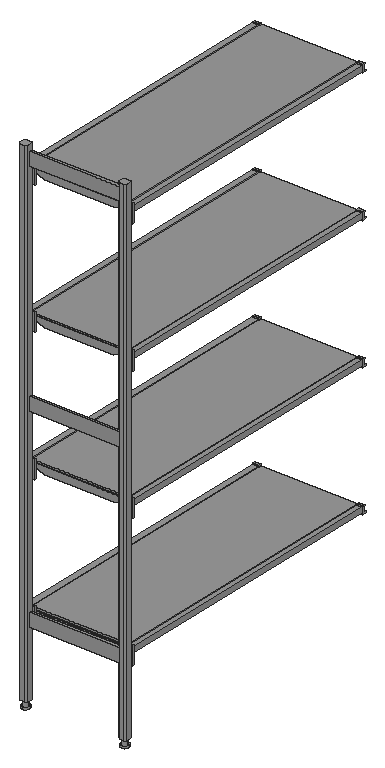
Revit family "QF_ELECTROLUXPROFESSIONAL_137053_ACS1006", category Attrezzature speciali, Revit 2020
Family settings
  Quota connettore circolare = Usa diametro
  Tipo di parte = Normale
  Basato su piano di lavoro = No
  Sempre verticale = Sì
  Taglio con vuoti quando caricato = No
  Condiviso = No
  Punto di calcolo locali = No
Parameters (values of type "Standard")
  Weight = 16.00 kg
  Watts = 0 W
  Volts = 0 V
  URL Manufacturer = "https://www.electroluxprofessional.com/"
  URL = "https://www.electroluxprofessional.com/"
  Steam Supply Size = 0 mm
  Steam Supply Minimum Pressure = 0.0 Pa
  Steam Supply Maximum Pressure = 0.0 Pa
  Steam Consumption per Hour = 0
  Refrigeration Suction Line Size = 0.0 mm
  Refrigeration Liquid Line Size = 0.0 mm
  Refrigerant Compressor Remote = yes
  Prospetto di default = 0.0 mm
  Phase = 0
  Modello = "ACS1006"
  Produttore = "Electrolux Professional"
  Length Actual = 1019.0 mm  # constant formula
  Item Number = "137053"
  Hot Water Size = 0 mm
  Height Actual = 1700.0 mm  # constant formula
  HP = "0 HP"
  Gas Size = 0 mm
  Gas KW = 0
  Gas Input Pressure = 0 W
  Direct Waste Size = 0 mm
  Descrizione = "ALUM.CORNER SHELV.-POLY.TIERS-373X1010MM"
  Depth Actual = 373.0 mm  # constant formula
  Cycle = 0 Hz
  Condensate Return Size = 0 mm
  Compressed Air Volume = 0.0 L/s
  Compressed Air Size = 0 mm
  Compressed Air Pressure = 0.0 Pa
  Cold Water Size = 0 mm
  Accessory = yes
Reference planes
  plane 1: z = 0
  plane 2 "Center (F/B)": y = -163.5
  plane 3 "Front": y = -549.5
  plane 4 "Left": x = -217.5
  plane 5 "Right": x = 155.5
  plane 6 "TOP": z = 1700
  plane 7: y = -513
  plane 8: y = 461
  plane 9 "Center (Left/Right)": x = -31
  plane 10: y = 456
  plane 11: x = -186
  plane 12: x = 124
  plane 13 "FEET": z = 25
  plane 14: z = 275
  plane 15: z = 725
  plane 16: z = 1175
  plane 17: z = 1625
  plane 18 "CXLeft": y = -535.5
  plane 19: x = -200
  plane 20 "CYBack": x = -200
  plane 21 "CYFront": x = 138
  plane 22 "Back": y = 469.5
  plane 23 "LEFT_ORIGIN": x = -251.5
  plane 24 "BACK_Origin": y = 842.5
Forms (mm)
  Extrusion 1, solid, material "QF_Aluminum"
    sketch origin (0, -549.5, 0) x (-1, 0, 0) y (0, 0, 1)
      loop
        line (198.5, 1650.994) -> (198.5, 1632.998) -> (217.5, 1632.998) -> (217.5, 1650.994) -> (198.5, 1650.994)
      loop
        line (-136.5, 1650.994) -> (-155.5, 1650.994) -> (-155.5, 1632.998) -> (-136.5, 1632.998) -> (-136.5, 1650.994)
      loop
        line (198.5, 1200.994) -> (198.5, 1182.998) -> (217.5, 1182.998) -> (217.5, 1200.994) -> (198.5, 1200.994)
      loop
        line (-136.5, 1200.994) -> (-155.5, 1200.994) -> (-155.5, 1182.998) -> (-136.5, 1182.998) -> (-136.5, 1200.994)
      loop
        line (198.5, 750.994) -> (198.5, 732.998) -> (217.5, 732.998) -> (217.5, 750.994) -> (198.5, 750.994)
      loop
        line (-136.5, 750.994) -> (-155.5, 750.994) -> (-155.5, 732.998) -> (-136.5, 732.998) -> (-136.5, 750.994)
      loop
        line (198.5, 300.994) -> (198.5, 282.998) -> (217.5, 282.998) -> (217.5, 300.994) -> (198.5, 300.994)
      loop
        line (-136.5, 300.994) -> (-155.5, 300.994) -> (-155.5, 282.998) -> (-136.5, 282.998) -> (-136.5, 300.994)
    from 36.5 to 1010.5
  Extrusion 2, solid, material "QF_Polyethylene"
    sketch origin (0, -549.5, 0) x (-1, 0, 0) y (0, 0, 1)
      loop
        line (196.507, 1650.994) -> (-134.5, 1650.994) -> (-134.5, 1644.496) -> (196.507, 1644.496) -> (196.507, 1650.994)
      loop
        line (196.507, 1200.994) -> (-134.5, 1200.994) -> (-134.5, 1194.496) -> (196.507, 1194.496) -> (196.507, 1200.994)
      loop
        line (196.507, 750.994) -> (-134.5, 750.994) -> (-134.5, 744.496) -> (196.507, 744.496) -> (196.507, 750.994)
      loop
        line (196.507, 300.994) -> (-134.5, 300.994) -> (-134.5, 294.496) -> (196.507, 294.496) -> (196.507, 300.994)
    from 36.5 to 1010.5
Lines and regions (mm)
  symbolic lines
    curve 1: line (-198.5, 461, 1700) -> (-198.5, -513, 1700)
    curve 2: line (-217.5, -517, 1700) -> (-217.5, 461, 1700)
    curve 3: line (155.5, -517, 1700) -> (155.5, 461, 1700)
    curve 4: line (-181.507, -513, 1700) -> (119.507, -513, 1700)
    curve 5: line (136.5, -513, 1700) -> (136.5, 461, 1700)
    curve 6: line (-198.5, 461, 1700) -> (136.5, 461, 1700)
Dimensions and locks
  plane 3 "Front" to plane 2 "Center (F/B)" = 386.0 mm
  locked: plane 6 "TOP" to level at 1700
  locked: plane 4 "Left" to plane 5 "Right" at 373
  locked: plane 7 to plane 8 at 974
  locked: plane 3 "Front" to plane 7 at 36.5
  plane 10 to plane 8 = 5.0 mm
  locked: plane 11 to plane 12 at 310
  equal spacing: plane 11, plane 9 "Center (Left/Right)", plane 12
  equal spacing: plane 4 "Left", plane 9 "Center (Left/Right)", plane 5 "Right"
  plane 13 "FEET" to level = 25.0 mm
  plane 6 "TOP" to plane 13 "FEET" = 1675.0 mm
  plane 14 to plane 13 "FEET" = 250.0 mm
  plane 15 to plane 14 = 450.0 mm
  plane 16 to plane 15 = 450.0 mm
  plane 17 to plane 16 = 450.0 mm
  locked: plane 3 "Front" to plane 18 "CXLeft" at 14
  locked: plane 3 "Front" to plane 22 "Back" at 1019
  plane 23 "LEFT_ORIGIN" to plane 5 "Right" = 407.0 mm
  locked: plane 22 "Back" to plane 24 "BACK_Origin" at 373
  aligned and locked: level to plane 1
  aligned and locked: Extrusion 2 to plane 7
  aligned and locked: plane 8 to Extrusion 2
  aligned and locked: Extrusion 1 to plane 7
  aligned and locked: plane 8 to Extrusion 1
  aligned and locked: Extrusion 1 sketch curve to Extrusion 1 sketch curve  (x2)
  aligned and locked: nested 1 to plane 18 "CXLeft"
  aligned and locked: nested 2 to plane 10
Automatic sketch dimensions
  curve 2 to plane 4 "Left" = 0.0 mm
  curve 3 to plane 5 "Right" = 0.0 mm
  plane 7 to curve 1 = 0.0 mm
  plane 7 to curve 4 = 0.0 mm
  plane 7 to curve 5 = 0.0 mm
  plane 8 to curve 2 = 0.0 mm
  plane 8 to curve 1 = 0.0 mm
  plane 8 to curve 3 = 0.0 mm
  plane 21 "CYFront" to curve 5 = 1.5 mm
  plane 19 to curve 6 = 1.5 mm
  plane 7 to curve 3 = 4.0 mm
  plane 7 to curve 2 = 4.0 mm
  plane 12 to curve 4 = 4.493 mm
  curve 4 to plane 11 = 4.493 mm
  plane 5 "Right" to Extrusion 1 sketch curve = 0.0 mm  (x4)
  plane 4 "Left" to Extrusion 1 sketch curve = 0.0 mm  (x4)
  plane 21 "CYFront" to Extrusion 1 sketch curve = 1.5 mm  (x2)
  plane 19 to Extrusion 1 sketch curve = 1.5 mm  (x4)
  plane 14 to Extrusion 1 sketch curve = 7.998 mm  (x2)
  Extrusion 1 sketch curve to Extrusion 1 sketch curve = 17.997 mm  (x8)
  plane 15 to Extrusion 1 sketch curve = 7.998 mm  (x2)
  plane 16 to Extrusion 1 sketch curve = 7.998 mm  (x2)
  plane 17 to Extrusion 1 sketch curve = 7.998 mm  (x2)
  plane 21 "CYFront" to Extrusion 2 sketch curve = 3.5 mm  (x4)
  plane 19 to Extrusion 2 sketch curve = 3.493 mm  (x4)
  plane 14 to Extrusion 2 sketch curve = 19.496 mm
  Extrusion 2 sketch curve to Extrusion 2 sketch curve = 6.499 mm  (x4)
  plane 15 to Extrusion 2 sketch curve = 19.496 mm
  plane 16 to Extrusion 2 sketch curve = 19.496 mm
  plane 17 to Extrusion 2 sketch curve = 19.496 mm
Nested families
  nested 1: "WT_Anta373" at (-194.5, -132.5, 0) x (0, 1, 0) z (0, 0, 1), type "WT_Anta373"
  nested 2: "WT_Aggancio373" at (-194.5, 873, 0) x (0, 1, 0) z (0, 0, 1), type "WT_Aggancio373"
Definition of nested family "WT_Anta373"
  Parameters
    WidthLeft = A + 64.0 mm  # 772.0 mm
    Width = 1606.0 mm
    Right = WidthLeft / 2  # 386.0 mm
    Default Elevation = 0.0 mm
    Left = -WidthLeft / 2  # -386.0 mm
    Height = 1725.0 mm
    FEET = 25.0 mm
    E = 0.0 mm
    Dint = Depth - 63.0 mm  # 310.0 mm
    Dext = Depth - 8.0 mm  # 365.0 mm
    Depth = 373.0 mm
    DX = (WidthLeft - A) / 2  # 32.0 mm
    B = 798.0 mm
    A = 708.0 mm
  Reference planes
    plane 1: z = 0
    plane 2 "LEFT": x = -417
    plane 3 "BACK": y = 23
    plane 4 "FRONT": y = -350
    plane 5 "TOP": z = 1725
    plane 6 "Center (Front/Back)": y = -163.5
    plane 7: y = -8.5
    plane 8: y = -318.5
    plane 9 "FEET": z = 25
    plane 10: z = 275
    plane 11: z = 725
    plane 12: z = 1175
    plane 13: z = 1625
    plane 14 "CXLeft": x = -403
    plane 15: y = 5.5
    plane 16 "CYBack": y = 5.5
    plane 17 "CYFront": y = -332.5
    plane 18: x = -385.031
    plane 19: x = -380.031
  Forms (mm)
    Extrusion 1, solid
      sketch origin (0, 0, 0) x (1, 0, 0) y (0, 1, 0)
        loop
          line (-417, 13.246) -> (-417, -2.246) -> (-410.746, -8.5) -> (-395.254, -8.5) -> (-389, -2.246) -> (-389, 13.246) -> (-395.254, 19.5) -> (-410.746, 19.5) -> (-417, 13.246)
      from 1725 to 25
    Extrusion 2, solid
      sketch origin (-417, 0, 0) x (0, 1, 0) y (0, 0, 1)
        loop
          line (23, 246.005) -> (23, 307.993) -> (-12.993, 307.993) -> (-12.993, 246.005) -> (23, 246.005)
        loop
          line (-350, 246.005) -> (-314.007, 246.005) -> (-314.007, 307.993) -> (-350, 307.993) -> (-350, 246.005)
        loop
          line (23, 696.005) -> (23, 757.993) -> (-12.993, 757.993) -> (-12.993, 696.005) -> (23, 696.005)
        loop
          line (-350, 696.005) -> (-314.007, 696.005) -> (-314.007, 757.993) -> (-350, 757.993) -> (-350, 696.005)
        loop
          line (23, 1146.005) -> (23, 1207.993) -> (-12.993, 1207.993) -> (-12.993, 1146.005) -> (23, 1146.005)
        loop
          line (-350, 1146.005) -> (-314.007, 1146.005) -> (-314.007, 1207.993) -> (-350, 1207.993) -> (-350, 1146.005)
        loop
          line (23, 1596.005) -> (23, 1657.993) -> (-12.993, 1657.993) -> (-12.993, 1596.005) -> (23, 1596.005)
        loop
          line (-350, 1596.005) -> (-314.007, 1596.005) -> (-314.007, 1657.993) -> (-350, 1657.993) -> (-350, 1596.005)
      from 28 to 32
    Revolve 3, solid
      sketch origin (-403, 0, 0) x (0, 1, 0) y (0, 0, 1)
        loop
          line (5.5, 25) -> (5.5, 0) -> (19, 0) -> (19, 5) -> (14, 5) -> (14, 25) -> (5.5, 25)
        axis (5.5, 25) -> (5.5, 0)
      angle from 0 to 360
    Extrusion 4, solid
      sketch origin (-403, 0, 0) x (0, 1, 0) y (0, 0, 1)
        loop
          line (-8.5, 912.382) -> (-8.5, 957.374) -> (-318.5, 957.374) -> (-318.5, 912.382) -> (-8.5, 912.382)
        loop
          line (-8.5, 1662.244) -> (-8.5, 1707.236) -> (-318.5, 1707.236) -> (-318.5, 1662.244) -> (-8.5, 1662.244)
      from -5 to 5
    Revolve 5, solid
      sketch origin (-403, -627, 0) x (0, -1, 0) y (0, 0, 1)
        loop
          line (-294.5, 25) -> (-294.5, 0) -> (-281, 0) -> (-281, 5) -> (-286, 5) -> (-286, 25) -> (-294.5, 25)
        axis (-294.5, 25) -> (-294.5, 0)
      angle from 0 to 360
    Extrusion 6, solid
      sketch origin (0, -627, 0) x (1, 0, 0) y (0, 1, 0)
        loop
          line (-417, 286.754) -> (-410.746, 280.5) -> (-395.254, 280.5) -> (-389, 286.754) -> (-389, 302.246) -> (-395.254, 308.5) -> (-410.746, 308.5) -> (-417, 302.246) -> (-417, 286.754)
      from 1725 to 25
    Extrusion 7, solid
      sketch origin (-417.031, -0.022, 0) x (0, 1, 0) y (0, 0, -1)
        loop
          line (-12, -1632.998) -> (-46, -1620.994) -> (-281, -1620.994) -> (-315, -1632.998) -> (-331, -1632.998) -> (-331, -1650.994) -> (-329, -1650.994) -> (-329, -1644.496) -> (2.007, -1644.496) -> (2.007, -1650.994) -> (4, -1650.994) -> (4, -1632.998) -> (-12, -1632.998)
        loop
          line (-12, -1182.998) -> (-46, -1170.994) -> (-281, -1170.994) -> (-315, -1182.998) -> (-331, -1182.998) -> (-331, -1200.994) -> (-329, -1200.994) -> (-329, -1194.496) -> (2.007, -1194.496) -> (2.007, -1200.994) -> (4, -1200.994) -> (4, -1182.998) -> (-12, -1182.998)
        loop
          line (-12, -732.998) -> (-46, -720.994) -> (-281, -720.994) -> (-315, -732.998) -> (-331, -732.998) -> (-331, -750.994) -> (-329, -750.994) -> (-329, -744.496) -> (2.007, -744.496) -> (2.007, -750.994) -> (4, -750.994) -> (4, -732.998) -> (-12, -732.998)
        loop
          line (-12, -282.998) -> (-46, -270.994) -> (-281, -270.994) -> (-315, -282.998) -> (-331, -282.998) -> (-331, -300.994) -> (-329, -300.994) -> (-329, -294.496) -> (2.007, -294.496) -> (2.007, -300.994) -> (4, -300.994) -> (4, -282.998) -> (-12, -282.998)
      from -32 to -37
    Extrusion 8, solid
      sketch origin (-403, 0, -659.878) x (0, 1, 0) y (0, 0, 1)
        loop
          line (-8.5, 912.382) -> (-8.5, 957.374) -> (-318.5, 957.374) -> (-318.5, 912.382) -> (-8.5, 912.382)
        loop
          line (-8.5, 1572.382) -> (-8.5, 1617.374) -> (-318.5, 1617.374) -> (-318.5, 1572.382) -> (-8.5, 1572.382)
        loop
          line (-8.5, 2322.382) -> (-8.5, 2367.374) -> (-318.5, 2367.374) -> (-318.5, 2322.382) -> (-8.5, 2322.382)
      from -5 to 5
  Lines and regions (mm)
    symbolic lines
      curve 1: line (-408, -8.5, 1725) -> (-408, -318.5, 1725)
      curve 2: line (-398, -318.5, 1725) -> (-398, -8.5, 1725)
      curve 3: line (-395.254, -8.5, 1725) -> (-410.746, -8.5, 1725)
      curve 4: line (-417, -2.246, 1725) -> (-410.746, -8.5, 1725)
      curve 5: line (-417, 13.246, 1725) -> (-417, -2.246, 1725)
      curve 6: line (-410.746, 19.5, 1725) -> (-417, 13.246, 1725)
      curve 7: line (-395.254, 19.5, 1725) -> (-410.746, 19.5, 1725)
      curve 8: line (-389, 13.246, 1725) -> (-395.254, 19.5, 1725)
      curve 9: line (-395.254, -8.5, 1725) -> (-389, -2.246, 1725)
      curve 10: line (-395.254, -318.5, 1725) -> (-410.746, -318.5, 1725)
      curve 11: line (-417, -324.754, 1725) -> (-410.746, -318.5, 1725)
      curve 12: line (-410.746, -346.5, 1725) -> (-417, -340.246, 1725)
      curve 13: line (-395.254, -346.5, 1725) -> (-410.746, -346.5, 1725)
      curve 14: line (-389, -340.246, 1725) -> (-395.254, -346.5, 1725)
      curve 15: line (-395.254, -318.5, 1725) -> (-389, -324.754, 1725)
      curve 16: line (-389, -350, 1725) -> (-389, -314.007, 1725)
      curve 17: line (-389, -314.007, 1725) -> (-385, -314.007, 1725)
      curve 18: line (-389, 23, 1725) -> (-389, -12.993, 1725)
      curve 19: line (-389, -12.993, 1725) -> (-385, -12.993, 1725)
      curve 20: line (-417, -324.754, 1725) -> (-417, -340.246, 1725)
      curve 21: line (-385, -350, 1725) -> (-385, -314.007, 1725)
      curve 22: line (-385, -350, 1725) -> (-389, -350, 1725)
      curve 23: line (-385, 23, 1725) -> (-389, 23, 1725)
      curve 24: line (-385, -12.993, 1725) -> (-385, 23, 1725)
      curve 25: line (-385.031, -13.016, 1725) -> (-385.031, -314.029, 1725)
  Dimensions and locks
    "Height": plane 5 "TOP" to level
    "Depth": plane 3 "BACK" to plane 4 "FRONT"
    "Dint": plane 7 to plane 8
    equal spacing: plane 7, plane 6 "Center (Front/Back)", plane 8
    equal spacing: plane 3 "BACK", plane 6 "Center (Front/Back)", plane 4 "FRONT"
    plane 9 "FEET" to level = 25.0 mm
    plane 5 "TOP" to plane 9 "FEET" = 1700.0 mm
    plane 10 to plane 9 "FEET" = 250.0 mm
    plane 11 to plane 10 = 450.0 mm
    plane 12 to plane 11 = 450.0 mm
    plane 13 to plane 12 = 450.0 mm
    locked: plane 2 "LEFT" to plane 14 "CXLeft" at 14
    locked: plane 3 "BACK" to plane 16 "CYBack" at 17.5
    locked: plane 17 "CYFront" to plane 4 "FRONT" at 17.5
    locked: Revolve 3 sketch curve to Revolve 3 sketch curve at 8.5
    locked: Revolve 3 sketch curve to plane 16 "CYBack" at 13.5
    locked: Revolve 5 sketch curve to Revolve 5 sketch curve at 8.5
    aligned and locked: level to plane 1
    aligned and locked: curve 20 to Extrusion 6
    aligned and locked: plane 5 "TOP" to Extrusion 1
    aligned and locked: plane 5 "TOP" to Extrusion 6
    aligned and locked: Extrusion 7 sketch curve to Extrusion 7 sketch curve  (x3)
  Automatic sketch dimensions
    curve 16 to plane 4 "FRONT" = 0.0 mm
    curve 11 to plane 8 = 0.0 mm
    curve 9 to plane 7 = 0.0 mm
    curve 5 to plane 2 "LEFT" = 0.0 mm
    curve 23 to plane 3 "BACK" = 0.0 mm
    plane 4 "FRONT" to curve 13 = 3.5 mm
    curve 20 to plane 17 "CYFront" = 7.746 mm
    curve 20 to plane 8 = 6.254 mm
    plane 8 to curve 16 = 4.493 mm
    curve 24 to plane 18 = 0.031 mm
    curve 24 to plane 7 = 4.493 mm
    plane 7 to curve 5 = 6.254 mm
    curve 5 to plane 15 = 7.746 mm
    curve 6 to plane 3 "BACK" = 3.5 mm
    curve 21 to plane 18 = 0.031 mm
    plane 18 to curve 23 = 3.969 mm
    plane 18 to curve 16 = 3.969 mm
    curve 18 to curve 8 = 6.254 mm
    curve 18 to curve 3 = 6.254 mm
    curve 16 to curve 13 = 6.254 mm
    curve 16 to curve 15 = 6.254 mm
    plane 2 "LEFT" to curve 10 = 6.254 mm
    plane 2 "LEFT" to curve 7 = 6.254 mm
    plane 2 "LEFT" to curve 12 = 6.254 mm
    plane 2 "LEFT" to curve 3 = 6.254 mm
    curve 14 to plane 17 "CYFront" = 7.746 mm
    curve 15 to plane 8 = 6.254 mm
    plane 7 to curve 9 = 6.254 mm
    curve 8 to plane 15 = 7.746 mm
    curve 3 to curve 2 = 2.746 mm
    curve 1 to curve 10 = 2.746 mm
    Extrusion 1 sketch curve to plane 2 "LEFT" = 0.0 mm
    Extrusion 1 sketch curve to plane 7 = 0.0 mm
    plane 2 "LEFT" to Extrusion 1 sketch curve = 6.254 mm  (x2)
    plane 14 "CXLeft" to Extrusion 1 sketch curve = 7.746 mm  (x2)
    Extrusion 1 sketch curve to plane 3 "BACK" = 3.5 mm
    plane 18 to Extrusion 1 sketch curve = 3.969 mm
    plane 7 to Extrusion 1 sketch curve = 6.254 mm  (x2)
    Extrusion 1 sketch curve to plane 15 = 7.746 mm  (x2)
    Extrusion 2 sketch curve to plane 4 "FRONT" = 0.0 mm  (x4)
    Extrusion 2 sketch curve to plane 3 "BACK" = 0.0 mm  (x4)
    plane 8 to Extrusion 2 sketch curve = 4.493 mm  (x4)
    Extrusion 2 sketch curve to plane 7 = 4.493 mm  (x4)
    Extrusion 2 sketch curve to plane 10 = 28.995 mm  (x2)
    plane 10 to Extrusion 2 sketch curve = 32.993 mm  (x2)
    Extrusion 2 sketch curve to plane 11 = 28.995 mm  (x2)
    plane 11 to Extrusion 2 sketch curve = 32.993 mm  (x2)
    Extrusion 2 sketch curve to plane 12 = 28.995 mm  (x2)
    plane 12 to Extrusion 2 sketch curve = 32.993 mm  (x2)
    Extrusion 2 sketch curve to plane 13 = 28.995 mm  (x2)
    plane 13 to Extrusion 2 sketch curve = 32.993 mm  (x2)
    Revolve 3 sketch curve to plane 9 "FEET" = 0.0 mm  (x2)
    Revolve 3 sketch curve to plane 15 = 0.0 mm  (x2)
    Revolve 3 sketch curve to level = 0.0 mm
    level to Revolve 3 sketch curve = 5.0 mm
    Revolve 3 sketch curve to Revolve 3 sketch curve = 11.655 mm
    Extrusion 4 sketch curve to plane 8 = 0.0 mm  (x2)
    Extrusion 4 sketch curve to plane 7 = 0.0 mm  (x2)
    plane 11 to Extrusion 4 sketch curve = 187.382 mm
    Extrusion 4 sketch curve to Extrusion 4 sketch curve = 44.992 mm
    plane 13 to Extrusion 4 sketch curve = 37.244 mm
    Extrusion 4 sketch curve to plane 5 "TOP" = 17.764 mm
    Revolve 5 sketch curve to plane 9 "FEET" = 0.0 mm  (x2)
    Revolve 5 sketch curve to plane 17 "CYFront" = 0.0 mm  (x2)
    Revolve 5 sketch curve to level = 0.0 mm
    Revolve 5 sketch curve to plane 4 "FRONT" = 4.0 mm
    Revolve 5 sketch curve to Revolve 5 sketch curve = 5.0 mm
    level to Revolve 5 sketch curve = 11.655 mm
    Extrusion 6 sketch curve to plane 2 "LEFT" = 0.0 mm
    Extrusion 6 sketch curve to plane 8 = 0.0 mm
    Extrusion 6 sketch curve to plane 2 "LEFT" = 6.254 mm  (x2)
    Extrusion 6 sketch curve to plane 14 "CXLeft" = 7.746 mm  (x2)
    Extrusion 6 sketch curve to plane 4 "FRONT" = 3.5 mm
    Extrusion 6 sketch curve to plane 18 = 3.969 mm
    plane 8 to Extrusion 6 sketch curve = 6.254 mm  (x2)
    plane 17 "CYFront" to Extrusion 6 sketch curve = 7.746 mm  (x2)
    plane 17 "CYFront" to Extrusion 7 sketch curve = 1.478 mm  (x4)
    Extrusion 7 sketch curve to Extrusion 7 sketch curve = 2.0 mm
    plane 8 to Extrusion 7 sketch curve = 3.478 mm  (x4)
    Extrusion 7 sketch curve to plane 10 = 4.006 mm
    Extrusion 7 sketch curve to Extrusion 7 sketch curve = 34.0 mm  (x4)
    Extrusion 7 sketch curve to plane 11 = 4.006 mm
    Extrusion 7 sketch curve to plane 12 = 4.006 mm
    Extrusion 7 sketch curve to plane 13 = 4.006 mm
    Extrusion 7 sketch curve to plane 7 = 37.522 mm  (x4)
    Extrusion 7 sketch curve to plane 7 = 3.522 mm  (x4)
    plane 15 to Extrusion 7 sketch curve = 3.516 mm  (x4)
    plane 15 to Extrusion 7 sketch curve = 1.522 mm  (x4)
    plane 13 to Extrusion 7 sketch curve = 7.998 mm  (x2)
    Extrusion 7 sketch curve to Extrusion 7 sketch curve = 11.498 mm
    Extrusion 7 sketch curve to Extrusion 7 sketch curve = 6.499 mm  (x5)
    plane 12 to Extrusion 7 sketch curve = 25.994 mm  (x2)
    plane 12 to Extrusion 7 sketch curve = 7.998 mm  (x2)
    plane 11 to Extrusion 7 sketch curve = 25.994 mm  (x2)
    plane 11 to Extrusion 7 sketch curve = 7.998 mm  (x2)
    plane 10 to Extrusion 7 sketch curve = 25.994 mm  (x2)
    plane 10 to Extrusion 7 sketch curve = 7.998 mm  (x2)
    curve 25 to plane 18 = 0.0 mm
    plane 8 to curve 25 = 4.471 mm
    curve 25 to plane 7 = 4.516 mm
    Extrusion 8 sketch curve to plane 8 = 0.0 mm  (x3)
    Extrusion 8 sketch curve to plane 7 = 0.0 mm  (x3)
    Extrusion 8 sketch curve to plane 10 = 22.496 mm
    plane 10 to Extrusion 8 sketch curve = 22.496 mm
    plane 11 to Extrusion 8 sketch curve = 187.504 mm
    Extrusion 8 sketch curve to Extrusion 8 sketch curve = 44.992 mm
    plane 13 to Extrusion 8 sketch curve = 37.504 mm
    Extrusion 8 sketch curve to plane 5 "TOP" = 17.504 mm
Definition of nested family "WT_Aggancio373"
  Parameters
    WidthLeft = A + 64.0 mm  # 772.0 mm
    Width = 1606.0 mm
    Right = WidthLeft / 2  # 386.0 mm
    Default Elevation = 0.0 mm
    Left = -WidthLeft / 2  # -386.0 mm
    Height = 1725.0 mm
    FEET = 25.0 mm
    E = 0.0 mm
    Dint = Depth - 63.0 mm  # 310.0 mm
    Dext = Depth - 8.0 mm  # 365.0 mm
    Depth = 373.0 mm
    DX = (WidthLeft - A) / 2  # 32.0 mm
    B = 798.0 mm
    A = 708.0 mm
  Reference planes
    plane 1: z = 0
    plane 2 "LEFT": x = -417
    plane 3 "BACK": y = 23
    plane 4 "FRONT": y = -350
    plane 5 "TOP": z = 1725
    plane 6 "Center (Front/Back)": y = -163.5
    plane 7: y = -8.5
    plane 8: y = -318.5
    plane 9 "FEET": z = 25
    plane 10: z = 275
    plane 11: z = 725
    plane 12: z = 1175
    plane 13: z = 1625
    plane 14: y = 5.5
    plane 15 "CYBack": y = 5.5
    plane 16 "CYFront": y = -332.5
  Forms (mm)
    Extrusion 1, solid
      sketch origin (-380, -0.022, 0) x (0, 1, 0) y (0, 0, 1)
        loop
          line (-12, 1632.998) -> (4, 1632.998) -> (4, 1650.994) -> (2.007, 1650.994) -> (2.007, 1644.496) -> (-329, 1644.496) -> (-329, 1650.994) -> (-331, 1650.994) -> (-331, 1632.998) -> (-315, 1632.998) -> (-281, 1620.994) -> (-46, 1620.994) -> (-12, 1632.998)
        loop
          line (-12, 1182.998) -> (4, 1182.998) -> (4, 1200.994) -> (2.007, 1200.994) -> (2.007, 1194.496) -> (-329, 1194.496) -> (-329, 1200.994) -> (-331, 1200.994) -> (-331, 1182.998) -> (-315, 1182.998) -> (-281, 1170.994) -> (-46, 1170.994) -> (-12, 1182.998)
        loop
          line (-12, 732.998) -> (4, 732.998) -> (4, 750.994) -> (2.007, 750.994) -> (2.007, 744.496) -> (-329, 744.496) -> (-329, 750.994) -> (-331, 750.994) -> (-331, 732.998) -> (-315, 732.998) -> (-281, 720.994) -> (-46, 720.994) -> (-12, 732.998)
        loop
          line (-12, 282.998) -> (4, 282.998) -> (4, 300.994) -> (2.007, 300.994) -> (2.007, 294.496) -> (-329, 294.496) -> (-329, 300.994) -> (-331, 300.994) -> (-331, 282.998) -> (-315, 282.998) -> (-281, 270.994) -> (-46, 270.994) -> (-12, 282.998)
      from -32 to -37
    Extrusion 2, solid
      sketch origin (-793.062, -324.754, 6.5) x (1, 0, 0) y (0, 0, 1)
        loop
          line (385.062, 1644.496) -> (385.062, 1647.496) -> (376.062, 1647.496) -> (376.062, 1620.994) -> (390.031, 1620.994) -> (390.031, 1626.496) -> (381.062, 1626.496) -> (381.062, 1644.496) -> (385.062, 1644.496)
        loop
          line (385.062, 1194.496) -> (385.062, 1197.496) -> (376.062, 1197.496) -> (376.062, 1170.994) -> (390.031, 1170.994) -> (390.031, 1176.496) -> (381.062, 1176.496) -> (381.062, 1194.496) -> (385.062, 1194.496)
        loop
          line (385.062, 744.496) -> (385.062, 747.496) -> (376.062, 747.496) -> (376.062, 720.994) -> (390.031, 720.994) -> (390.031, 726.496) -> (381.062, 726.496) -> (381.062, 744.496) -> (385.062, 744.496)
        loop
          line (385.062, 294.496) -> (385.062, 297.496) -> (376.062, 297.496) -> (376.062, 270.994) -> (390.031, 270.994) -> (390.031, 276.496) -> (381.062, 276.496) -> (381.062, 294.496) -> (385.062, 294.496)
      from 6.268 to 25.246
    Extrusion 3, solid
      sketch origin (-793.062, 32.754, 6.5) x (1, 0, 0) y (0, 0, 1)
        loop
          line (385.062, 1644.496) -> (385.062, 1647.496) -> (376.062, 1647.496) -> (376.062, 1620.994) -> (390.031, 1620.994) -> (390.031, 1626.496) -> (381.062, 1626.496) -> (381.062, 1644.496) -> (385.062, 1644.496)
        loop
          line (385.062, 1194.496) -> (385.062, 1197.496) -> (376.062, 1197.496) -> (376.062, 1170.994) -> (390.031, 1170.994) -> (390.031, 1176.496) -> (381.062, 1176.496) -> (381.062, 1194.496) -> (385.062, 1194.496)
        loop
          line (385.062, 744.496) -> (385.062, 747.496) -> (376.062, 747.496) -> (376.062, 720.994) -> (390.031, 720.994) -> (390.031, 726.496) -> (381.062, 726.496) -> (381.062, 744.496) -> (385.062, 744.496)
        loop
          line (385.062, 294.496) -> (385.062, 297.496) -> (376.062, 297.496) -> (376.062, 270.994) -> (390.031, 270.994) -> (390.031, 276.496) -> (381.062, 276.496) -> (381.062, 294.496) -> (385.062, 294.496)
      from 9.754 to 28.776
  Lines and regions (mm)
    symbolic lines
      curve 1: line (-412, -350, 0) -> (-408, -350, 0)
      curve 2: line (-412, -331.022, 0) -> (-412, -350, 0)
      curve 3: line (-408, -331.022, 0) -> (-412, -331.022, 0)
      curve 4: line (-408, -350, 0) -> (-408, -331.022, 0)
      curve 5: line (-412, 3.978, 0) -> (-408, 3.978, 0)
      curve 6: line (-412, 23, 0) -> (-412, 3.978, 0)
      curve 7: line (-408, 23, 0) -> (-412, 23, 0)
      curve 8: line (-408, 3.978, 0) -> (-408, 23, 0)
  Dimensions and locks
    "Height": plane 5 "TOP" to level
    "Depth": plane 3 "BACK" to plane 4 "FRONT"
    "Dint": plane 7 to plane 8
    equal spacing: plane 7, plane 6 "Center (Front/Back)", plane 8
    equal spacing: plane 3 "BACK", plane 6 "Center (Front/Back)", plane 4 "FRONT"
    plane 9 "FEET" to level = 25.0 mm
    plane 5 "TOP" to plane 9 "FEET" = 1700.0 mm
    plane 10 to plane 9 "FEET" = 250.0 mm
    plane 11 to plane 10 = 450.0 mm
    plane 12 to plane 11 = 450.0 mm
    plane 13 to plane 12 = 450.0 mm
    locked: plane 3 "BACK" to plane 15 "CYBack" at 17.5
    locked: plane 16 "CYFront" to plane 4 "FRONT" at 17.5
    aligned and locked: level to plane 1
    aligned and locked: Extrusion 1 sketch curve to Extrusion 1 sketch curve  (x3)
  Automatic sketch dimensions
    plane 16 "CYFront" to Extrusion 1 sketch curve = 1.478 mm  (x4)
    Extrusion 1 sketch curve to Extrusion 1 sketch curve = 2.0 mm
    plane 8 to Extrusion 1 sketch curve = 3.478 mm  (x4)
    Extrusion 1 sketch curve to plane 10 = 4.006 mm
    Extrusion 1 sketch curve to Extrusion 1 sketch curve = 34.0 mm  (x4)
    Extrusion 1 sketch curve to plane 11 = 4.006 mm
    Extrusion 1 sketch curve to plane 12 = 4.006 mm
    Extrusion 1 sketch curve to plane 13 = 4.006 mm
    Extrusion 1 sketch curve to plane 7 = 37.522 mm  (x4)
    Extrusion 1 sketch curve to plane 7 = 3.522 mm  (x4)
    plane 14 to Extrusion 1 sketch curve = 3.516 mm  (x4)
    plane 14 to Extrusion 1 sketch curve = 1.522 mm  (x4)
    plane 10 to Extrusion 1 sketch curve = 7.998 mm  (x2)
    Extrusion 1 sketch curve to Extrusion 1 sketch curve = 11.498 mm  (x4)
    Extrusion 1 sketch curve to Extrusion 1 sketch curve = 6.499 mm  (x8)
    plane 11 to Extrusion 1 sketch curve = 7.998 mm  (x2)
    plane 12 to Extrusion 1 sketch curve = 7.998 mm  (x2)
    plane 13 to Extrusion 1 sketch curve = 7.998 mm  (x2)
    plane 2 "LEFT" to Extrusion 2 sketch curve = 0.0 mm  (x4)
    plane 13 to Extrusion 2 sketch curve = 7.996 mm
    plane 11 to Extrusion 2 sketch curve = 7.996 mm
    Extrusion 2 sketch curve to Extrusion 2 sketch curve = 5.0 mm  (x4)
    plane 11 to Extrusion 2 sketch curve = 2.494 mm
    plane 10 to Extrusion 2 sketch curve = 28.996 mm
    Extrusion 2 sketch curve to Extrusion 2 sketch curve = 3.0 mm  (x4)
    plane 10 to Extrusion 2 sketch curve = 7.996 mm
    plane 10 to Extrusion 2 sketch curve = 2.494 mm
    Extrusion 2 sketch curve to Extrusion 2 sketch curve = 18.0 mm  (x3)
    plane 12 to Extrusion 2 sketch curve = 2.494 mm
    plane 12 to Extrusion 2 sketch curve = 7.996 mm
    plane 13 to Extrusion 2 sketch curve = 2.494 mm
    plane 2 "LEFT" to Extrusion 3 sketch curve = 0.0 mm  (x4)
    plane 13 to Extrusion 3 sketch curve = 7.996 mm
    plane 11 to Extrusion 3 sketch curve = 7.996 mm
    Extrusion 3 sketch curve to Extrusion 3 sketch curve = 5.0 mm  (x4)
    plane 11 to Extrusion 3 sketch curve = 2.494 mm
    plane 10 to Extrusion 3 sketch curve = 28.996 mm
    Extrusion 3 sketch curve to Extrusion 3 sketch curve = 3.0 mm  (x4)
    plane 10 to Extrusion 3 sketch curve = 7.996 mm
    plane 10 to Extrusion 3 sketch curve = 2.494 mm
    Extrusion 3 sketch curve to Extrusion 3 sketch curve = 18.0 mm  (x3)
    plane 12 to Extrusion 3 sketch curve = 2.494 mm
    plane 12 to Extrusion 3 sketch curve = 7.996 mm
    plane 13 to Extrusion 3 sketch curve = 2.494 mm
    plane 2 "LEFT" to curve 1 = 5.0 mm
    plane 2 "LEFT" to curve 7 = 5.0 mm
    curve 1 to plane 16 "CYFront" = 17.5 mm
    curve 3 to plane 8 = 12.522 mm
    plane 7 to curve 5 = 12.478 mm
    curve 7 to plane 14 = 17.5 mm
    curve 5 to curve 5 = 4.0 mm
    curve 1 to curve 4 = 4.0 mm
    Extrusion 2 sketch curve to Extrusion 2 sketch curve = 4.0 mm  (x4)
    Extrusion 2 sketch curve to Extrusion 2 sketch curve = 8.969 mm  (x4)
    Extrusion 3 sketch curve to Extrusion 3 sketch curve = 4.0 mm  (x4)
    Extrusion 3 sketch curve to Extrusion 3 sketch curve = 8.969 mm  (x4)
